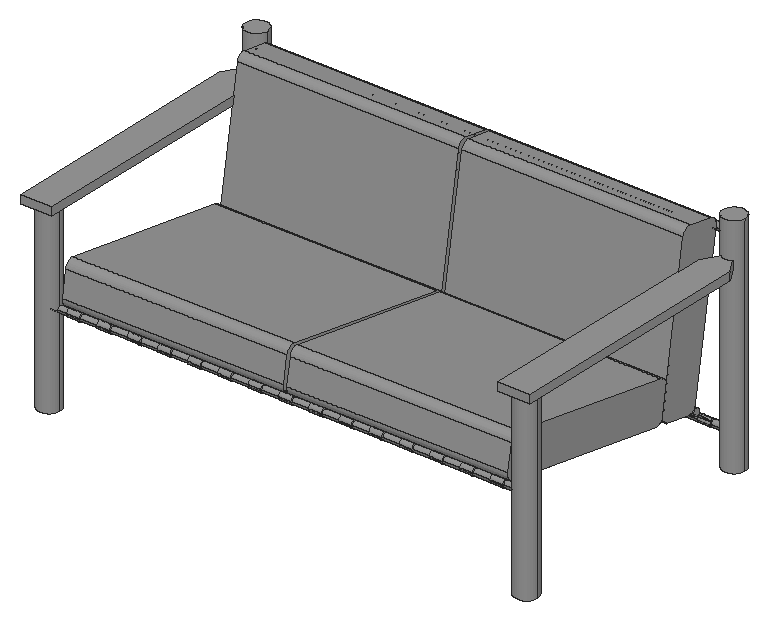
Revit family "13273 Диван «Eco lounge» Хоббика", category Антураж, Revit 2018 (continued)
Automatic sketch dimensions
  level to Extrusion 19 sketch curve = 100 mm
  Extrusion 19 sketch curve to Extrusion 19 sketch curve = 6.782 mm
  Extrusion 19 sketch curve to Extrusion 19 sketch curve = 58.12 mm
  Extrusion 19 sketch curve to Extrusion 19 sketch curve = 0.678 mm
  Extrusion 19 sketch curve to Extrusion 19 sketch curve = 6.741 mm
  Extrusion 19 sketch curve to Extrusion 19 sketch curve = 0.047 mm
  Extrusion 19 sketch curve to Extrusion 19 sketch curve = 0.009 mm  (x2)
  Extrusion 19 sketch curve to Extrusion 19 sketch curve = 0.988 mm  (x2)
  level to Extrusion 19 sketch curve = 285.296 mm
  Extrusion 19 sketch curve to plane 6 = 60.92 mm
  Extrusion 19 sketch curve to Extrusion 19 sketch curve = 0.128 mm
  Extrusion 19 sketch curve to Extrusion 19 sketch curve = 0.016 mm
  Extrusion 19 sketch curve to Extrusion 19 sketch curve = 1 mm
  Extrusion 19 sketch curve to Extrusion 19 sketch curve = 0.886 mm
  Extrusion 19 sketch curve to Extrusion 19 sketch curve = 1.34 mm
  Extrusion 19 sketch curve to Extrusion 19 sketch curve = 0.981 mm
  Extrusion 20 sketch curve to Extrusion 20 sketch curve = 0 mm  (x28)
  Extrusion 20 sketch curve to plane 1 "По центру (Вперед/Назад)" = 50 mm
  Extrusion 20 sketch curve to Extrusion 20 sketch curve = 10.777 mm
  Extrusion 20 sketch curve to Extrusion 20 sketch curve = 0.156 mm
  Extrusion 20 sketch curve to plane 5 = 130.105 mm
  Extrusion 20 sketch curve to Extrusion 20 sketch curve = 0.155 mm
  Extrusion 20 sketch curve to Extrusion 20 sketch curve = 10.802 mm
  Extrusion 20 sketch curve to Extrusion 20 sketch curve = 0.046 mm
  Extrusion 20 sketch curve to Extrusion 20 sketch curve = 0.026 mm
  Extrusion 20 sketch curve to Extrusion 20 sketch curve = 0.011 mm
  Extrusion 20 sketch curve to Extrusion 20 sketch curve = 0.041 mm
  Extrusion 20 sketch curve to Extrusion 20 sketch curve = 1.331 mm
  Extrusion 20 sketch curve to Extrusion 20 sketch curve = 0.982 mm
  Extrusion 20 sketch curve to Extrusion 20 sketch curve = 8.059 mm
  Extrusion 20 sketch curve to Extrusion 20 sketch curve = 0.567 mm
  Extrusion 20 sketch curve to plane 5 = 43.66 mm
  Extrusion 20 sketch curve to Extrusion 20 sketch curve = 0.652 mm
  Extrusion 20 sketch curve to plane 5 = 37.222 mm
  Extrusion 20 sketch curve to Extrusion 20 sketch curve = 0.843 mm
  Extrusion 20 sketch curve to Extrusion 20 sketch curve = 1.232 mm
  Extrusion 20 sketch curve to Extrusion 20 sketch curve = 0.086 mm
  Extrusion 20 sketch curve to Extrusion 20 sketch curve = 8.009 mm
  Extrusion 20 sketch curve to Extrusion 20 sketch curve = 0.061 mm
  Extrusion 20 sketch curve to Extrusion 20 sketch curve = 0.067 mm
  level to Extrusion 20 sketch curve = 100 mm
  Extrusion 20 sketch curve to Extrusion 20 sketch curve = 6.782 mm
  Extrusion 20 sketch curve to Extrusion 20 sketch curve = 58.12 mm
  Extrusion 20 sketch curve to Extrusion 20 sketch curve = 0.678 mm
  Extrusion 20 sketch curve to Extrusion 20 sketch curve = 6.741 mm
  Extrusion 20 sketch curve to Extrusion 20 sketch curve = 0.047 mm
  Extrusion 20 sketch curve to Extrusion 20 sketch curve = 0.009 mm  (x2)
  Extrusion 20 sketch curve to Extrusion 20 sketch curve = 0.988 mm  (x2)
  level to Extrusion 20 sketch curve = 285.296 mm
  Extrusion 20 sketch curve to plane 6 = 60.92 mm
  Extrusion 20 sketch curve to Extrusion 20 sketch curve = 0.128 mm
  Extrusion 20 sketch curve to Extrusion 20 sketch curve = 0.016 mm
  Extrusion 20 sketch curve to Extrusion 20 sketch curve = 1 mm
  Extrusion 20 sketch curve to Extrusion 20 sketch curve = 0.886 mm
  Extrusion 20 sketch curve to Extrusion 20 sketch curve = 1.34 mm
  Extrusion 20 sketch curve to Extrusion 20 sketch curve = 0.981 mm
  Extrusion 21 sketch curve to Extrusion 21 sketch curve = 0 mm  (x28)
  Extrusion 21 sketch curve to plane 1 "По центру (Вперед/Назад)" = 50 mm
  Extrusion 21 sketch curve to Extrusion 21 sketch curve = 10.777 mm
  Extrusion 21 sketch curve to Extrusion 21 sketch curve = 0.156 mm
  Extrusion 21 sketch curve to plane 5 = 130.105 mm
  Extrusion 21 sketch curve to Extrusion 21 sketch curve = 0.155 mm
  Extrusion 21 sketch curve to Extrusion 21 sketch curve = 10.802 mm
  Extrusion 21 sketch curve to Extrusion 21 sketch curve = 0.046 mm
  Extrusion 21 sketch curve to Extrusion 21 sketch curve = 0.026 mm
  Extrusion 21 sketch curve to Extrusion 21 sketch curve = 0.011 mm
  Extrusion 21 sketch curve to Extrusion 21 sketch curve = 0.041 mm
  Extrusion 21 sketch curve to Extrusion 21 sketch curve = 1.331 mm
  Extrusion 21 sketch curve to Extrusion 21 sketch curve = 0.982 mm
  Extrusion 21 sketch curve to Extrusion 21 sketch curve = 8.059 mm
  Extrusion 21 sketch curve to Extrusion 21 sketch curve = 0.567 mm
  Extrusion 21 sketch curve to plane 5 = 43.66 mm
  Extrusion 21 sketch curve to Extrusion 21 sketch curve = 0.652 mm
  Extrusion 21 sketch curve to plane 5 = 37.222 mm
  Extrusion 21 sketch curve to Extrusion 21 sketch curve = 0.843 mm
  Extrusion 21 sketch curve to Extrusion 21 sketch curve = 1.232 mm
  Extrusion 21 sketch curve to Extrusion 21 sketch curve = 0.086 mm
  Extrusion 21 sketch curve to Extrusion 21 sketch curve = 8.009 mm
  Extrusion 21 sketch curve to Extrusion 21 sketch curve = 0.061 mm
  Extrusion 21 sketch curve to Extrusion 21 sketch curve = 0.067 mm
  level to Extrusion 21 sketch curve = 100 mm
  Extrusion 21 sketch curve to Extrusion 21 sketch curve = 6.782 mm
  Extrusion 21 sketch curve to Extrusion 21 sketch curve = 58.12 mm
  Extrusion 21 sketch curve to Extrusion 21 sketch curve = 0.678 mm
  Extrusion 21 sketch curve to Extrusion 21 sketch curve = 6.741 mm
  Extrusion 21 sketch curve to Extrusion 21 sketch curve = 0.047 mm
  Extrusion 21 sketch curve to Extrusion 21 sketch curve = 0.009 mm  (x2)
  Extrusion 21 sketch curve to Extrusion 21 sketch curve = 0.988 mm  (x2)
  level to Extrusion 21 sketch curve = 285.296 mm
  Extrusion 21 sketch curve to plane 6 = 60.92 mm
  Extrusion 21 sketch curve to Extrusion 21 sketch curve = 0.128 mm
  Extrusion 21 sketch curve to Extrusion 21 sketch curve = 0.016 mm
  Extrusion 21 sketch curve to Extrusion 21 sketch curve = 1 mm
  Extrusion 21 sketch curve to Extrusion 21 sketch curve = 0.886 mm
  Extrusion 21 sketch curve to Extrusion 21 sketch curve = 1.34 mm
  Extrusion 21 sketch curve to Extrusion 21 sketch curve = 0.981 mm
  Extrusion 22 sketch curve to Extrusion 22 sketch curve = 0 mm  (x28)
  Extrusion 22 sketch curve to plane 1 "По центру (Вперед/Назад)" = 50 mm
  Extrusion 22 sketch curve to Extrusion 22 sketch curve = 10.777 mm
  Extrusion 22 sketch curve to Extrusion 22 sketch curve = 0.156 mm
  Extrusion 22 sketch curve to plane 5 = 130.105 mm
  Extrusion 22 sketch curve to Extrusion 22 sketch curve = 0.155 mm
  Extrusion 22 sketch curve to Extrusion 22 sketch curve = 10.802 mm
  Extrusion 22 sketch curve to Extrusion 22 sketch curve = 0.046 mm
  Extrusion 22 sketch curve to Extrusion 22 sketch curve = 0.026 mm
  Extrusion 22 sketch curve to Extrusion 22 sketch curve = 0.011 mm
  Extrusion 22 sketch curve to Extrusion 22 sketch curve = 0.041 mm
  Extrusion 22 sketch curve to Extrusion 22 sketch curve = 1.331 mm
  Extrusion 22 sketch curve to Extrusion 22 sketch curve = 0.982 mm
  Extrusion 22 sketch curve to Extrusion 22 sketch curve = 8.059 mm
  Extrusion 22 sketch curve to Extrusion 22 sketch curve = 0.567 mm
  Extrusion 22 sketch curve to plane 5 = 43.66 mm
  Extrusion 22 sketch curve to Extrusion 22 sketch curve = 0.652 mm
  Extrusion 22 sketch curve to plane 5 = 37.222 mm
  Extrusion 22 sketch curve to Extrusion 22 sketch curve = 0.843 mm
  Extrusion 22 sketch curve to Extrusion 22 sketch curve = 1.232 mm
  Extrusion 22 sketch curve to Extrusion 22 sketch curve = 0.086 mm
  Extrusion 22 sketch curve to Extrusion 22 sketch curve = 8.009 mm
  Extrusion 22 sketch curve to Extrusion 22 sketch curve = 0.061 mm
  Extrusion 22 sketch curve to Extrusion 22 sketch curve = 0.067 mm
  level to Extrusion 22 sketch curve = 100 mm
  Extrusion 22 sketch curve to Extrusion 22 sketch curve = 6.782 mm
  Extrusion 22 sketch curve to Extrusion 22 sketch curve = 58.12 mm
  Extrusion 22 sketch curve to Extrusion 22 sketch curve = 0.678 mm
  Extrusion 22 sketch curve to Extrusion 22 sketch curve = 6.741 mm
  Extrusion 22 sketch curve to Extrusion 22 sketch curve = 0.047 mm
  Extrusion 22 sketch curve to Extrusion 22 sketch curve = 0.009 mm  (x2)
  Extrusion 22 sketch curve to Extrusion 22 sketch curve = 0.988 mm  (x2)
  level to Extrusion 22 sketch curve = 285.296 mm
  Extrusion 22 sketch curve to plane 6 = 60.92 mm
  Extrusion 22 sketch curve to Extrusion 22 sketch curve = 0.128 mm
  Extrusion 22 sketch curve to Extrusion 22 sketch curve = 0.016 mm
  Extrusion 22 sketch curve to Extrusion 22 sketch curve = 1 mm
  Extrusion 22 sketch curve to Extrusion 22 sketch curve = 0.886 mm
  Extrusion 22 sketch curve to Extrusion 22 sketch curve = 1.34 mm
  Extrusion 22 sketch curve to Extrusion 22 sketch curve = 0.981 mm
  Extrusion 23 sketch curve to Extrusion 23 sketch curve = 0 mm  (x28)
  Extrusion 23 sketch curve to plane 1 "По центру (Вперед/Назад)" = 50 mm
  Extrusion 23 sketch curve to Extrusion 23 sketch curve = 10.777 mm
  Extrusion 23 sketch curve to Extrusion 23 sketch curve = 0.156 mm
  Extrusion 23 sketch curve to plane 5 = 130.105 mm
  Extrusion 23 sketch curve to Extrusion 23 sketch curve = 0.155 mm
  Extrusion 23 sketch curve to Extrusion 23 sketch curve = 10.802 mm
  Extrusion 23 sketch curve to Extrusion 23 sketch curve = 0.046 mm
  Extrusion 23 sketch curve to Extrusion 23 sketch curve = 0.026 mm
  Extrusion 23 sketch curve to Extrusion 23 sketch curve = 0.011 mm
  Extrusion 23 sketch curve to Extrusion 23 sketch curve = 0.041 mm
  Extrusion 23 sketch curve to Extrusion 23 sketch curve = 1.331 mm
  Extrusion 23 sketch curve to Extrusion 23 sketch curve = 0.982 mm
  Extrusion 23 sketch curve to Extrusion 23 sketch curve = 8.059 mm
  Extrusion 23 sketch curve to Extrusion 23 sketch curve = 0.567 mm
  Extrusion 23 sketch curve to plane 5 = 43.66 mm
  Extrusion 23 sketch curve to Extrusion 23 sketch curve = 0.652 mm
  Extrusion 23 sketch curve to plane 5 = 37.222 mm
  Extrusion 23 sketch curve to Extrusion 23 sketch curve = 0.843 mm
  Extrusion 23 sketch curve to Extrusion 23 sketch curve = 1.232 mm
  Extrusion 23 sketch curve to Extrusion 23 sketch curve = 0.086 mm
  Extrusion 23 sketch curve to Extrusion 23 sketch curve = 8.009 mm
  Extrusion 23 sketch curve to Extrusion 23 sketch curve = 0.061 mm
  Extrusion 23 sketch curve to Extrusion 23 sketch curve = 0.067 mm
  level to Extrusion 23 sketch curve = 100 mm
  Extrusion 23 sketch curve to Extrusion 23 sketch curve = 6.782 mm
  Extrusion 23 sketch curve to Extrusion 23 sketch curve = 58.12 mm
  Extrusion 23 sketch curve to Extrusion 23 sketch curve = 0.678 mm
  Extrusion 23 sketch curve to Extrusion 23 sketch curve = 6.741 mm
  Extrusion 23 sketch curve to Extrusion 23 sketch curve = 0.047 mm
  Extrusion 23 sketch curve to Extrusion 23 sketch curve = 0.009 mm  (x2)
  Extrusion 23 sketch curve to Extrusion 23 sketch curve = 0.988 mm  (x2)
  level to Extrusion 23 sketch curve = 285.296 mm
  Extrusion 23 sketch curve to plane 6 = 60.92 mm
  Extrusion 23 sketch curve to Extrusion 23 sketch curve = 0.128 mm
  Extrusion 23 sketch curve to Extrusion 23 sketch curve = 0.016 mm
  Extrusion 23 sketch curve to Extrusion 23 sketch curve = 1 mm
  Extrusion 23 sketch curve to Extrusion 23 sketch curve = 0.886 mm
  Extrusion 23 sketch curve to Extrusion 23 sketch curve = 1.34 mm
  Extrusion 23 sketch curve to Extrusion 23 sketch curve = 0.981 mm
  Extrusion 24 sketch curve to Extrusion 24 sketch curve = 0 mm  (x28)
  Extrusion 24 sketch curve to plane 1 "По центру (Вперед/Назад)" = 50 mm
  Extrusion 24 sketch curve to Extrusion 24 sketch curve = 10.777 mm
  Extrusion 24 sketch curve to Extrusion 24 sketch curve = 0.156 mm
  Extrusion 24 sketch curve to plane 5 = 130.105 mm
  Extrusion 24 sketch curve to Extrusion 24 sketch curve = 0.155 mm
  Extrusion 24 sketch curve to Extrusion 24 sketch curve = 10.802 mm
  Extrusion 24 sketch curve to Extrusion 24 sketch curve = 0.046 mm
  Extrusion 24 sketch curve to Extrusion 24 sketch curve = 0.026 mm
  Extrusion 24 sketch curve to Extrusion 24 sketch curve = 0.011 mm
  Extrusion 24 sketch curve to Extrusion 24 sketch curve = 0.041 mm
  Extrusion 24 sketch curve to Extrusion 24 sketch curve = 1.331 mm
  Extrusion 24 sketch curve to Extrusion 24 sketch curve = 0.982 mm
  Extrusion 24 sketch curve to Extrusion 24 sketch curve = 8.059 mm
  Extrusion 24 sketch curve to Extrusion 24 sketch curve = 0.567 mm
  Extrusion 24 sketch curve to plane 5 = 43.66 mm
  Extrusion 24 sketch curve to Extrusion 24 sketch curve = 0.652 mm
  Extrusion 24 sketch curve to plane 5 = 37.222 mm
  Extrusion 24 sketch curve to Extrusion 24 sketch curve = 0.843 mm
  Extrusion 24 sketch curve to Extrusion 24 sketch curve = 1.232 mm
  Extrusion 24 sketch curve to Extrusion 24 sketch curve = 0.086 mm
  Extrusion 24 sketch curve to Extrusion 24 sketch curve = 8.009 mm
  Extrusion 24 sketch curve to Extrusion 24 sketch curve = 0.061 mm
  Extrusion 24 sketch curve to Extrusion 24 sketch curve = 0.067 mm
  level to Extrusion 24 sketch curve = 100 mm
  Extrusion 24 sketch curve to Extrusion 24 sketch curve = 6.782 mm
  Extrusion 24 sketch curve to Extrusion 24 sketch curve = 58.12 mm
  Extrusion 24 sketch curve to Extrusion 24 sketch curve = 0.678 mm
  Extrusion 24 sketch curve to Extrusion 24 sketch curve = 6.741 mm
  Extrusion 24 sketch curve to Extrusion 24 sketch curve = 0.047 mm
  Extrusion 24 sketch curve to Extrusion 24 sketch curve = 0.009 mm  (x2)
  Extrusion 24 sketch curve to Extrusion 24 sketch curve = 0.988 mm  (x2)
  level to Extrusion 24 sketch curve = 285.296 mm
  Extrusion 24 sketch curve to plane 6 = 60.92 mm
  Extrusion 24 sketch curve to Extrusion 24 sketch curve = 0.128 mm
  Extrusion 24 sketch curve to Extrusion 24 sketch curve = 0.016 mm
  Extrusion 24 sketch curve to Extrusion 24 sketch curve = 1 mm
  Extrusion 24 sketch curve to Extrusion 24 sketch curve = 0.886 mm
  Extrusion 24 sketch curve to Extrusion 24 sketch curve = 1.34 mm
  Extrusion 24 sketch curve to Extrusion 24 sketch curve = 0.981 mm
  radius of Extrusion 2 sketch curve = 35 mm  (x2)
  radius of Extrusion 3 sketch curve = 35 mm  (x2)
  radius of Extrusion 4 sketch curve = 10 mm  (x3)
  radius of Extrusion 5 sketch curve = 10 mm
Types (3, lengths in mm): name | Описание | Версия лиственница | Версия ангарская сосна
  (no name) | "Диван «Eco lounge». Версия лиственница" | yes | no
  Версия ангарская сосна | "Диван «Eco lounge». Версия ангарская сосна" | no | yes
  Версия лиственница | "Диван «Eco lounge». Версия лиственница" | yes | no
